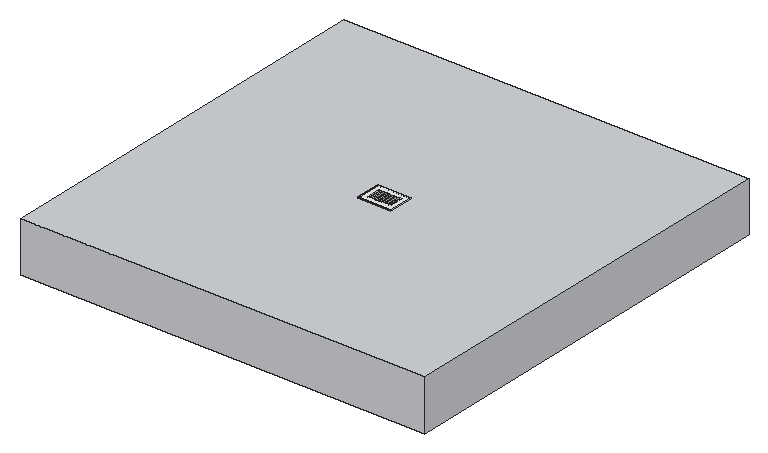
Revit family
Parameters (values of type "T60")
  Version = 2
  Product Page URL = "http://www.tuttleandbailey.com/site/site/ecatalog.aspx?model=107f74c8-aba3-428b-8dd7-714739118c83"
  Overall Width [instance] = Duct Inlet Width + 0' 1 3/4"  # 0' - 7 3/4"
  Overall Height [instance] = Duct Inlet Height + 0' 1 3/4"  # 0' - 5 3/4"
  Overall Depth = 0' - 1 1/4"  # constant formula
  Location [instance] = ""
  Frame Void Offset = if(Blade Spacing = 0' 0 1/2", 0' 1 1/4", 0' 1 3/16")  # 0' - 1 3/16"
  Duct Inlet Width [instance] = if(Inlet Width < Minimum Inlet Width, Minimum Inlet Width, if(Inlet Width > Maximum Inlet Width, Maximum Inlet Width, Inlet Width))  # 6"
  Duct Inlet Height [instance] = if(Inlet Height < Minimum Inlet Height, Minimum Inlet Height, if(Inlet Height > Maximum Inlet Height, Maximum Inlet Height, Inlet Height))  # 4"
  Inlet Width [instance] = 6"
  Inlet Velocity [instance] = Design Supply Air Flow / (Inlet Width * Inlet Height)  # 0 FPM
  Inlet Height [instance] = 4"
  Vertical Blade Offset [instance] = if(Right Vertical Blade Array = Left Vertical Blade Array, 0' 0", Blade Spacing / 2)  # 0"
  Velocity Pressure [instance] = 0.00 in-wg
  Right Vertical Blade Array [instance] = Number of Vertical Blades / 2  # 4
  Opening Width [instance] = Overall Width - (Frame Width * 2)  # 5 1/4"
  Opening Height [instance] = Overall Height - (Frame Width * 2)  # 3 1/4"
  Number of Vertical Blades [instance] = Opening Width / Blade Spacing  # 7
  URL = "http://www.tuttleandbailey.com"
  Type Comments = ""
  Total Static Pressure [instance] = 0.00 in-wg
  Throw [instance] = ""
  Supply Air Pressure Drop [instance] = 0.00 in-wg
  Series = "Tri-Flex"  # constant formula
  Minimum Inlet Width = 0' 6"  # 6"
  Minimum Inlet Height = 0' 4"  # 4"
  Maximum Inlet Width = 12' 0"  # 144"
  Maximum Inlet Height = 8' 0"  # 96"
  Material = Steel - Tuttle & Bailey - White
  Noise Criteria (dB) [instance] = 0
  Model = "T60-SF-WH"
  Min Flow = 0 CFM
  Max Flow = 0 CFM
  Manufacturer Complete Model Number [instance] = ""
  Manufacturer = "Tuttle & Bailey"  # constant formula
  Left Vertical Blade Array [instance] = if(Duct Inlet Width = 0' 8", (Number of Vertical Blades / 2) + 1, if(Duct Inlet Width = 0' 10", (Number of Vertical Blades / 2) + 1, if(Duct Inlet Width = 1' 4", (Number of Vertical Blades / 2) + 1, if(Duct Inlet Width = 1' 10", (Number of Vertical Blades / 2) + 1, if(Duct Inlet Width = 2' 4", (Number of Vertical Blades / 2) + 1, if(Duct Inlet Width = 2' 10", (Number of Vertical Blades / 2) + 1, Number of Vertical Blades / 2))))))  # 4
  Grille Depth = Overall Depth - (Frame Thickness)  # 1"
  Frame Width = 1 1/4"
  Frame Thickness = 1/4"
  Design Supply Air Flow [instance] = 0 CFM
  Description = "Single Deflection Adjustable Supply Grille"
  Default Elevation = 8' - 0"
  Border Type = "Surface Mount"
  Blade Thickness = if(Blade Spacing = 0' 0 1/2", 0' 0 3/32", 0' 0 1/32")  # 0' - 0 1/32"
  Blade Spacing = 3/4"
  Blade Deflection [instance] = 0.00°
  Grille Size Available [instance] = if(Inlet Width < Minimum Inlet Width, "Not Available", if(Inlet Width > Maximum Inlet Width, "Not Available", if(Inlet Height < Minimum Inlet Height, "Not Available", if(Inlet Height > Maximum Inlet Height, "Not Available", if(Inlet Width > 4' 0", "Multiple Sections", if(Inlet Height > 4' 0", "Multiple Sections", "Yes"))))))  # "Yes"
  Assembly Code = "D3040100"
  Arrow [instance] = yes
Types (3): name | Product Page URL | Frame Void Offset | Right Vertical Blade Array | Number of Vertical Blades | Material | Model | Left Vertical Blade Array | Description | Blade Thickness | Blade Spacing
  T60 | "http://www.tuttleandbailey.com/site/site/ecatalog.aspx?model=107f74c8-aba3-428b-8dd7-714739118c83" | 0' - 1 3/16" | 4 | 7 | Steel - Tuttle & Bailey - White | "T60-SF-WH" | 4 | "Single Deflection Adjustable Supply Grille" | 0' - 0 1/32" | 3/4"
  A60 | "http://www.tuttleandbailey.com/site/site/ecatalog.aspx?model=f51e052e-6335-4e94-a653-8c0ae2280e76" | 0' - 1 3/16" | 4 | 7 | Aluminum - Tuttle & Bailey - White | "A60-SF-WH" | 4 | "Single Deflection Adjustable Supply Grille" | 0' - 0 1/32" | 3/4"
  T125V | "http://www.tuttleandbailey.com/site/site/ecatalog.aspx?model=8d2ea0a0-e2f7-4083-87b3-73213874d799" | 0' - 1 1/4" | 6 | 11 | Steel - Tuttle & Bailey - White | "T125V-SF-WH" | 6 | "Single Deflection Heavy Duty Adjustable Supply Grille" | 0' - 0 3/32" | 1/2"
Reference planes (in)
  plane 1 "Center (Front/Back)": y = 0
  plane 2 ".": z = 0
  plane 3 "Center (Left/Right)": x = 0
  plane 4: z = 0.25
  plane 5: z = -1
  plane 6: x = 3.875
  plane 7: x = -3.875
  plane 8: y = 2.875
  plane 9: y = -2.875
  plane 10: z = 3.25
  plane 11: x = 1.5
  plane 12: x = -1.5
  plane 13: z = 23.25
  plane 14: z = 15.25
  plane 15: x = 0
Forms (in)
  Extrusion 1, solid
    sketch origin (0, 0, 0) x (1, 0, 0) y (0, 1, 0)
      loop
        line (-48, 48) -> (-48, -48) -> (48, -48) -> (48, 48) -> (-48, 48)
    from 0 to -12
  Sweep 2, solid, material "Steel - Tuttle & Bailey - White" <- "Material"
    path origin (0, 0, 0.1875) x (1, 0, 0) y (0, 1, 0)
      loop
        line (-3.875, 2.875) -> (-3.875, -2.875) -> (3.875, -2.875) -> (3.875, 2.875) -> (-3.875, 2.875)
    profile origin (0, 2.875, 0.1875) x (0, 1, 0) y (0, 0, 1)
      loop
        line (-0.0625, -0.1875) -> (0, -0.1875) -> (0, 0.0625) -> (-1.25, 0.0625) -> (-1.25, -1.1875) -> (-1.125, -1.1875) -> (-1.125, 0) -> (-0.0625, 0) -> (-0.0625, -0.1875)
  Sweep 3, void
    path origin (0, 0, 0) x (1, 0, 0) y (0, 1, 0)
      loop
        line (-3.875, 2.875) -> (-3.875, -2.875) -> (3.875, -2.875) -> (3.875, 2.875) -> (-3.875, 2.875)
    profile origin (0, 2.875, 0) x (0, 1, 0) y (0, 0, 1)
      loop
        line (-1.1875, -1) -> (-1.125, -1) -> (-1.125, 0.1875) -> (-1.1875, 0.1875) -> (-1.1875, -1)
Cuts and joins
  Sweep 3 cuts Sweep 2
Lines and regions (in)
  model lines, visible <- "Arrow"
    curve 1: line (0, 0, 3.25) -> (0, 0, 15.25)
    curve 7: line (0, 0, 23.25) -> (-1.5, 0, 15.25)
    curve 8: line (-1.5, 0, 15.25) -> (1.5, 0, 15.25)
    curve 9: line (1.5, 0, 15.25) -> (0, 0, 23.25)
  symbolic lines, detail levels coarse+medium
    curve 2: line (-3, 0, 0.25) -> (3, 0, 0.25)
  symbolic lines
    curve 3: line (-3.875, 0, 0) -> (3.875, 0, 0)
  symbolic lines, detail levels fine
    curve 4: line (-3.875, 0, 0.25) -> (3.875, 0, 0.25)
    curve 5: line (-3.875, 0, 0.25) -> (-3.875, 0, 0)
    curve 6: line (3.875, 0, 0) -> (3.875, 0, 0.25)
Dimensions and locks (in)
  locked: Sweep 2 sketch curve to Sweep 2 sketch curve at 0.0625
  locked: Sweep 2 sketch curve to Sweep 2 sketch curve at 0.125
  "Overall Width": Sweep 2 sketch curve to Sweep 2 sketch curve
  equal spacing: Sweep 2 sketch curve, plane 3 "Center (Left/Right)", Sweep 2 sketch curve
  "Overall Height": Sweep 2 sketch curve to Sweep 2 sketch curve
  equal spacing: Sweep 2 sketch curve, plane 1 "Center (Front/Back)", Sweep 2 sketch curve
  locked: Sweep 2 sketch curve to profile plane at 0
  "Overall Width": plane 7 to plane 6
  equal spacing: plane 7, plane 3 "Center (Left/Right)", plane 6
  "Overall Height": plane 8 to plane 9
  equal spacing: plane 8, plane 1 "Center (Front/Back)", plane 9
  "Frame Width": Sweep 2 sketch curve to plane 8
  locked: Sweep 2 sketch curve to plane 4 at 0.0625
  "Vertical Blade Offset": plane 3 "Center (Left/Right)" to plane 15
  equal spacing: curve 2, plane 3 "Center (Left/Right)", curve 2
  "Duct Inlet Width": curve 2 to curve 2
  "Grille Depth": plane 2 "." to plane 5
  "Frame Thickness": plane 4 to plane 2 "."
  plane 4 to Sweep 2 sketch curve = 0' - 0 1/16"
  "Grille Depth": plane 2 "." to Sweep 2 sketch curve
  equal spacing: group 1, group 2, group 3, group 6  (x3)
  "Blade Spacing": nested 2 to nested 1
  equal spacing: group 7, group 5, group 4, group 1
  equal spacing: group 1, group 4, group 5, group 7  (x2)
  "Blade Spacing": nested 1 to nested 4
  locked: curve 5 to plane 4
  locked: plane 2 "." to curve 5
  plane 13 to plane 14 to plane 10 to plane 2 "." = 0' - 8" locked, 1' - 0" locked, 0' - 3 1/4" locked
  equal spacing: plane 11, plane 3 "Center (Left/Right)", plane 12, locked at 1.5 each
  locked: Sweep 3 sketch curve to Sweep 3 sketch curve at 0.0625
  "Frame Void Offset": Sweep 3 sketch curve to plane 8
  aligned and locked: plane 2 "." to Extrusion 1
  aligned and locked: level to Extrusion 1
  aligned and locked: plane 4 to Sweep 2  (x2)
  aligned and locked: plane 8 to Sweep 2
  aligned and locked: Sweep 2 to plane 9
  aligned and locked: level to plane 2 "."
  aligned and locked: nested 1 to plane 15
  aligned and locked: plane 7 to curve 3
  aligned and locked: Sweep 2 to nested 1  (x3)
  aligned and locked: Sweep 2 sketch curve to plane 2 "."
  aligned and locked: plane 4 to Sweep 2 sketch curve
  aligned and locked: curve 2 to plane 4
  aligned and locked: Sweep 2 to Sweep 2
  aligned and locked: nested 1 to Sweep 2  (x3)
  aligned and locked: nested 2 to Sweep 2  (x3)
  aligned and locked: nested 3 to Sweep 2
  aligned and locked: nested 4 to Sweep 2  (x3)
  aligned and locked: nested 5 to Sweep 2
  aligned and locked: curve 5 to Sweep 2
  aligned and locked: curve 6 to Sweep 2
  aligned and locked: plane 4 to curve 6
  aligned and locked: plane 2 "." to curve 6
  aligned and locked: plane 11 to curve 9
  aligned and locked: curve 8 to curve 9
  aligned and locked: plane 10 to curve 1
  aligned and locked: Sweep 2 to nested 2  (x2)
  aligned and locked: Sweep 2 to nested 4  (x2)
  aligned and locked: plane 11 to curve 8
  aligned and locked: plane 12 to curve 8
  aligned and locked: plane 13 to curve 7
  aligned and locked: plane 14 to curve 8
  aligned and locked: plane 3 "Center (Left/Right)" to curve 1
  aligned and locked: Sweep 2 to Sweep 3 sketch curve
  aligned and locked: Sweep 3 sketch curve to Sweep 2  (x4)
  aligned and locked: plane 5 to Sweep 3 sketch curve
Automatic sketch dimensions
  Extrusion 1 sketch curve to Extrusion 1 sketch curve = 8' - 0"  (x2)
  curve 9 to plane 3 "Center (Left/Right)" = 0' - 0"
Nested families (in)
  nested 1: "Tuttle_and_Bailey-Louver-Vertical" at (0, 0, 0.1875) x (0, 1, 0) z (0, 0, 1), type "Tuttle_and_Bailey-Louver-Vertical", detail levels fine
  nested 2: "Tuttle_and_Bailey-Louver-Vertical" at (0.75, 0, 0.1875) x (0, 1, 0) z (0, 0, 1), type "Tuttle_and_Bailey-Louver-Vertical", detail levels fine
  nested 3: "Tuttle_and_Bailey-Louver-Vertical" at (1.5, 0, 0.1875) x (0, 1, 0) z (0, 0, 1), type "Tuttle_and_Bailey-Louver-Vertical", detail levels fine
  nested 4: "Tuttle_and_Bailey-Louver-Vertical" at (-0.75, 0, 0.1875) x (0, 1, 0) z (0, 0, 1), type "Tuttle_and_Bailey-Louver-Vertical", detail levels fine
  nested 5: "Tuttle_and_Bailey-Louver-Vertical" at (-1.5, 0, 0.1875) x (0, 1, 0) z (0, 0, 1), type "Tuttle_and_Bailey-Louver-Vertical", detail levels fine
  nested 6: "Tuttle_and_Bailey-Louver-Vertical" at (2.25, 0, 0.1875) x (0, 1, 0) z (0, 0, 1), type "Tuttle_and_Bailey-Louver-Vertical", detail levels fine
  nested 7: "Tuttle_and_Bailey-Louver-Vertical" at (-2.25, 0, 0.1875) x (0, 1, 0) z (0, 0, 1), type "Tuttle_and_Bailey-Louver-Vertical", detail levels fine
Connectors (in)
  hvac at (0, 0, 0), driven by "Supply Air Pressure Drop", driven by "Design Supply Air Flow", driven by "Inlet Height", driven by "Inlet Width"
    settings: on Sweep 2, index 1, duct flow 0 CFM, flow factor 0, pres drop 0.00 in-wg, loss coef 0, conn angle 0.00°, conn width 6", conn height 4", conn radius 12", duct sys type 1, conn prof type 1, flow config 1, flow direction 1, loss method 4, conn ref index -1, conn util no, is conn primary yes, conn desc "Supply Air Inlet Connection"
Definition of nested family "Tuttle_and_Bailey-Louver-Vertical"
  Parameters (values of type "Tuttle_and_Bailey-Louver-Vertical")
    URL = "http://www.tuttleandbailey.com"
    Nominal Inlet Width = 3 1/4"
    Nominal Inlet Height = 5 1/4"
    Nominal Depth = 0' - 0 5/8"
    Model = "T60-SF-WH"
    Material = Steel - Tuttle & Bailey - White
    Manufacturer = "Tuttle & Bailey"
    Description = "Single Deflection Adjustable Supply Grille"
    CADworks URL = "http://www.CADworks.net"
    Blade Thickness = 0' - 0 1/32"
    Assembly Code = "D3040100"
  Reference planes (in)
    plane 1 "Center (Front/Back)": y = 0
    plane 2: z = 0
    plane 3 "Center (Left/Right)": x = 0
    plane 4: z = -0.625
    plane 5: x = -1.625
    plane 6: x = 1.625
  Forms (in)
    Extrusion 1, solid, material "Steel - Tuttle & Bailey - White" <- "Material"
      sketch origin (0, 0, 0) x (0, 1, 0) y (0, 0, 1)
        loop
          line (-0.01563, -0.625) -> (0.01562, -0.625) -> (0.04116, -0.04208)
          arc (0.04116, -0.04208) -> (0, 0) -> (-0.04116, -0.04208) r 0.04117
          line (-0.04116, -0.04208) -> (-0.01563, -0.625)
      from -1.625 to 1.625
  Dimensions and locks (in)
    locked: plane 2 to Extrusion 1 sketch curve at 0
    "Nominal Depth": plane 2 to plane 4
    equal spacing: plane 6, plane 3 "Center (Left/Right)", plane 5
    "Nominal Inlet Width": plane 6 to plane 5
    equal spacing: Extrusion 1 sketch curve, plane 1 "Center (Front/Back)", Extrusion 1 sketch curve
    "Blade Thickness": Extrusion 1 sketch curve to Extrusion 1 sketch curve
    locked: Extrusion 1 sketch curve to Extrusion 1 sketch curve at 0.08233
    aligned and locked: plane 4 to Extrusion 1 sketch curve
    aligned and locked: Extrusion 1 to plane 5
    aligned and locked: Extrusion 1 to plane 6
  Automatic sketch dimensions
    Extrusion 1 sketch curve to plane 1 "Center (Front/Back)" = 0' - 0"
    plane 1 "Center (Front/Back)" to Extrusion 1 sketch curve = 0' - 0.04116"
    Extrusion 1 sketch curve to level = 0' - 0.04208"
    Extrusion 1 sketch curve to Extrusion 1 sketch curve = 0' - 0.0009"
